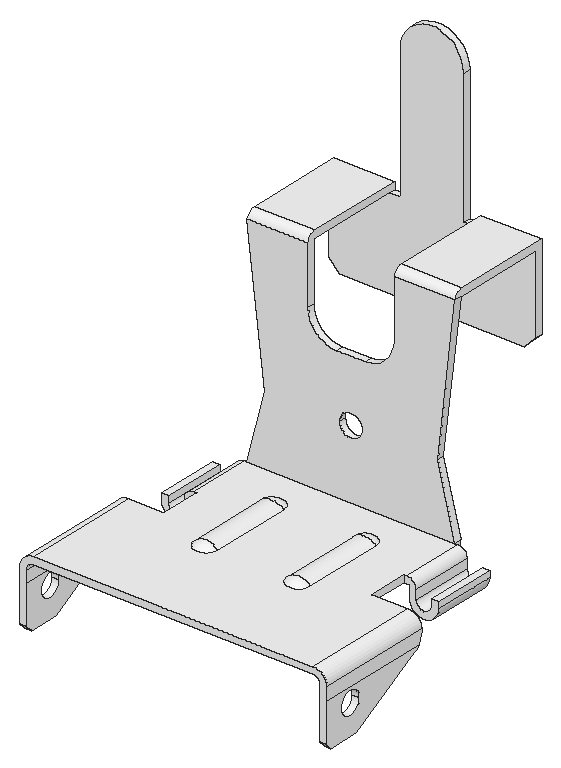
Revit family "power-wclip_ver.2022", category 機械設備, Revit 2022
Family settings
  丸型コネクタ寸法 = 直径を使用
  種別 = なし
  パーツ タイプ = 標準
  作業面ベース = いいえ
  常に垂直 = はい
  ロード時にボイドで切り取り = いいえ
  注釈の向きを維持 = いいえ
  共有 = いいえ
  部屋計算ポイント = いいえ
Parameters
  製造元 = "株式会社桐井製作所"
  既定の高さ = 0 mm
  URL = "https://www.kirii.co.jp/"
  K_板厚(mm) = 1.2 mm
  K_品名 = "Power-Wクリップ"
  K_名称 = "耐震クリップ"
  K_入数 = "200"
  K_バージョン情報 = "20220131"
Reference planes
  plane 1 "中心(正面/背面)": y = 0
  plane 2: z = 0
  plane 3 "中心(左/右)": x = 0
Forms (mm)
  Extrusion 1, solid
    sketch origin (0, 30, 0) x (0, 1, 0) y (0, 0, 1)
      loop
        line (-49.2, 0) -> (-38.6, 0) -> (-31.2, 0)
        arc (-31.2, 0) -> (-30.351, 0.351) -> (-30, 1.2) r 1.2
        line (-30, 1.2) -> (-30, 39) -> (-13.6, 39) -> (-13.6, 23.4) -> (-12.4, 23.4) -> (-12.4, 40.2) -> (-29.6, 40.2)
        arc (-29.6, 40.2) -> (-30.6, 39.867) -> (-31.2, 39) r 1.667
        line (-31.2, 39) -> (-31.2, 1.2) -> (-49.2, 1.2) -> (-49.2, 0)
    from -18 to 18
  Extrusion 2, solid
    sketch origin (0, 0, 0) x (1, 0, 0) y (0, 0, 1)
      loop
        arc (24.2, 0) -> (25.049, -0.351) -> (25.4, -1.2) r 1.2
        line (25.4, -1.2) -> (25.4, -3.3) -> (25.4, -11.104) -> (26.6, -11.104) -> (26.6, -3.3) -> (26.6, -1.2)
        arc (26.6, -1.2) -> (25.897, 0.497) -> (24.2, 1.2) r 2.4
        line (24.2, 1.2) -> (-24.2, 1.2)
        arc (-24.2, 1.2) -> (-25.897, 0.497) -> (-26.6, -1.2) r 2.4
        line (-26.6, -1.2) -> (-26.6, -3.3) -> (-26.6, -11.1) -> (-25.4, -11.1) -> (-25.4, -3.3) -> (-25.4, -1.2)
        arc (-25.4, -1.2) -> (-25.049, -0.351) -> (-24.2, 0) r 1.2
        line (-24.2, 0) -> (24.2, 0)
    from 19.2 to 39.7
  Extrusion 3, solid
    sketch origin (0, 0, 0) x (1, 0, 0) y (0, 0, 1)
      loop
        line (-22.8, -1.95) -> (-22.8, -0.9) -> (-24, -0.9) -> (-24, -1.95)
        arc (-24, -1.95) -> (-21.45, -4.5) -> (-18.9, -1.95) r 2.55
        line (-18.9, -1.95) -> (-18.9, 0) -> (18.9, 0) -> (18.9, -1.95)
        arc (18.9, -1.95) -> (21.45, -4.5) -> (24, -1.95) r 2.55
        line (24, -1.95) -> (24, -0.9) -> (22.8, -0.9) -> (22.8, -1.95)
        arc (22.8, -1.95) -> (21.45, -3.3) -> (20.1, -1.95) r 1.35
        line (20.1, -1.95) -> (20.1, -0.4)
        arc (20.1, -0.4) -> (19.631, 0.731) -> (18.5, 1.2) r 1.6
        line (18.5, 1.2) -> (-18.5, 1.2)
        arc (-18.5, 1.2) -> (-19.631, 0.731) -> (-20.1, -0.4) r 1.6
        line (-20.1, -0.4) -> (-20.1, -1.95)
        arc (-20.1, -1.95) -> (-21.45, -3.3) -> (-22.8, -1.95) r 1.35
    from 1.2 to 12.2
  Extrusion 4, void
    sketch origin (0, 0, 0) x (1, 0, 0) y (0, 0, 1)
      loop
        arc (-7.5, 29) -> (-6.036, 25.464) -> (-2.5, 24) r 5
        line (-2.5, 24) -> (2.5, 24)
        arc (2.5, 24) -> (6.036, 25.464) -> (7.5, 29) r 5
        line (7.5, 29) -> (7.5, 40.2) -> (-7.5, 40.2) -> (-7.5, 29)
    from -16.4 to 1.2
  Extrusion 5, void
    sketch origin (0, -22.6, 55.4) x (1, 0, 0) y (0, 0, -1)
      loop
        line (-18, 30) -> (-16, 32) -> (-18, 32) -> (-18, 30)
      loop
        line (18, 32) -> (16, 32) -> (18, 30) -> (18, 32)
    from 39 to 40.2
  Extrusion 6, void
    sketch origin (-39.5, -3.6, 0.004) x (0, 1, 0) y (0, 0, 1)
      loop
        line (-17.163, -4.153) -> (-29.908, -11.104) -> (-15.6, -11.104) -> (-15.6, -1.519)
        arc (-15.6, -1.519) -> (-16.02, -3.05) -> (-17.163, -4.153) r 3
      loop
        line (-35.087, -11.113) -> (-36.1, -10.1) -> (-36.1, -11.113) -> (-35.087, -11.113)
    from 12.9 to 14.1
  Extrusion 7, void
    sketch origin (-39.5, -3.6, 0.004) x (0, 1, 0) y (0, 0, 1)
      loop
        circle (-31.1, -5.8) r 2
    from 12.9 to 14.1
  Extrusion 8, void
    sketch origin (12.5, -3.6, -0.049) x (0, 1, 0) y (0, 0, 1)
      loop
        line (-17.163, -4.153) -> (-29.816, -11.054) -> (-15.6, -11.054) -> (-15.6, -1.519)
        arc (-15.6, -1.519) -> (-16.02, -3.05) -> (-17.163, -4.153) r 3
      loop
        line (-35.146, -11.054) -> (-36.1, -10.1) -> (-36.1, -11.054) -> (-35.146, -11.054)
    from 12.9 to 14.1
  Extrusion 9, void
    sketch origin (12.5, -3.6, -0.049) x (0, 1, 0) y (0, 0, 1)
      loop
        circle (-31.1, -5.8) r 2
    from 12.9 to 14.1
  Extrusion 10, void
    sketch origin (0, 0, 0) x (1, 0, 0) y (0, 0, 1)
      loop
        line (-18, 39) -> (-18, 1.2) -> (-15, 13.2) -> (-18, 39)
      loop
        line (18, 1.2) -> (18, 39) -> (15, 13.2) -> (18, 1.2)
    from 0 to 1.2
  Extrusion 11, void
    sketch origin (0, 0, 0) x (1, 0, 0) y (0, 0, 1)
      loop
        circle (0, 13.2) r 2
    from 0 to 1.2
  Extrusion 12, solid
    sketch origin (8.016, -0.716, 0) x (1, 0, 0) y (0, 0, 1)
      loop
        line (-2, 1.2) -> (2, 1.2)
        arc (2, 1.2) -> (0, 2) -> (-2, 1.2) r 2.9
    from 7.6 to 21.884
  Revolve 13, solid
    sketch origin (8.016, -8.316, 0) x (1, 0, 0) y (0, 0, 1)
      loop
        arc (2, 1.2) -> (1.077, 1.793) -> (0, 2) r 2.9
        line (0, 2) -> (0, 1.2) -> (2, 1.2)
      axis (0, 2) -> (0, 1)
    angle from 0 to 360
  Revolve 14, solid
    sketch origin (8.016, -22.6, 0) x (1, 0, 0) y (0, 0, -1)
      loop
        line (2, -1.2) -> (0, -1.2) -> (0, -2)
        arc (0, -2) -> (1.077, -1.793) -> (2, -1.2) r 2.9
      axis (0, -2) -> (0, -1)
    angle from 0 to 360
  Extrusion 15, solid
    sketch origin (-8.001, -0.716, 0) x (1, 0, 0) y (0, 0, 1)
      loop
        line (-2, 1.2) -> (2, 1.2)
        arc (2, 1.2) -> (0, 2) -> (-2, 1.2) r 2.9
    from 7.6 to 21.884
  Revolve 16, solid
    sketch origin (-8.001, -8.316, 0) x (1, 0, 0) y (0, 0, 1)
      loop
        arc (2, 1.2) -> (1.077, 1.793) -> (0, 2) r 2.9
        line (0, 2) -> (0, 1.2) -> (2, 1.2)
      axis (0, 2) -> (0, 1)
    angle from 0 to 360
  Revolve 17, solid
    sketch origin (-8.001, -22.6, 0) x (1, 0, 0) y (0, 0, -1)
      loop
        line (2, -1.2) -> (0, -1.2) -> (0, -2)
        arc (0, -2) -> (1.077, -1.793) -> (2, -1.2) r 2.9
      axis (0, -2) -> (0, -1)
    angle from 0 to 360
  Extrusion 18, solid
    sketch origin (0, -22.6, 53.362) x (1, 0, 0) y (0, 0, -1)
      loop
        line (-5.5, 17) -> (-5.5, -8.7)
        arc (-5.5, -8.7) -> (0, -14.2) -> (5.5, -8.7) r 5.5
        line (5.5, -8.7) -> (5.5, 17) -> (-5.5, 17)
    from 39 to 40.2
  Extrusion 19, void
    sketch origin (0, 0, 0) x (1, 0, 0) y (0, 0, 1)
      loop
        line (-7.5, 40.2) -> (-7.5, 39) -> (-5.5, 39) -> (-5.5, 40.2) -> (-7.5, 40.2)
      loop
        line (5.5, 40.2) -> (5.5, 39) -> (7.5, 39) -> (7.5, 40.2) -> (5.5, 40.2)
    from -17.6 to -16.4
Cuts and joins
  Extrusion 4, Extrusion 5, Extrusion 10, Extrusion 11, Extrusion 19 cuts Extrusion 1
  Extrusion 5, Extrusion 6, Extrusion 7, Extrusion 8, Extrusion 9, Extrusion 10, Extrusion 11, Extrusion 19 cuts Extrusion 2
  Extrusion 5, Extrusion 10, Extrusion 11, Extrusion 19 cuts Extrusion 3
  Extrusion 19 cuts Extrusion 18
  joined: Extrusion 1, Extrusion 2, Extrusion 3, Extrusion 18
  joined: Extrusion 15, Revolve 16, Revolve 17
  joined: Extrusion 12, Revolve 13, Revolve 14
Dimensions and locks
  aligned and locked: level to plane 2
